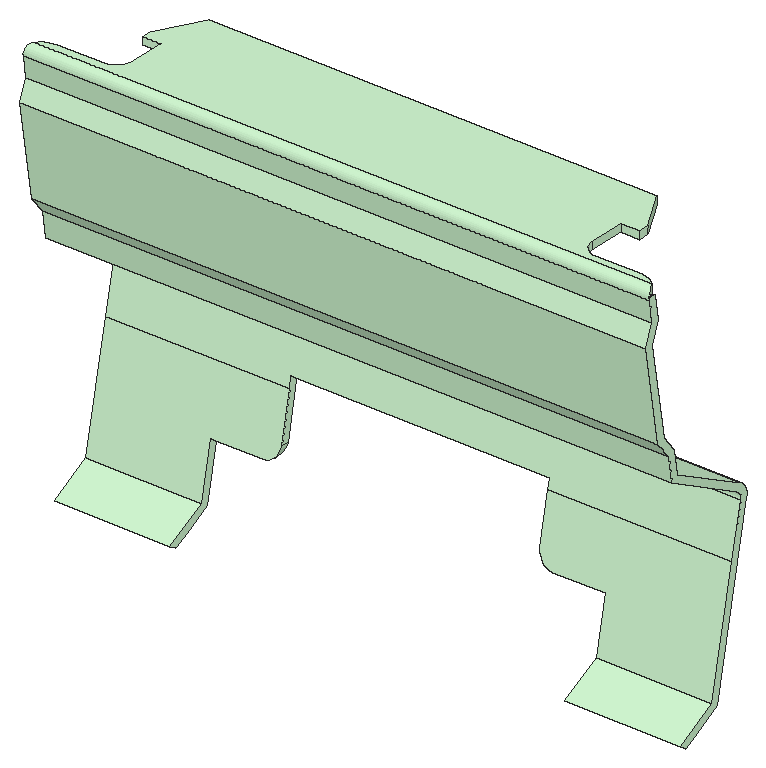
Revit family "WS-65スペーサー", category 機械設備, Revit 2020
Family settings
  丸型コネクタ寸法 = 直径を使用
  種別 = なし
  パーツ タイプ = 標準
  作業面ベース = いいえ
  常に垂直 = はい
  ロード時にボイドで切り取り = いいえ
  共有 = いいえ
  部屋計算ポイント = いいえ
Parameters
  製造元 = "株式会社桐井製作所"
  既定の高さ = 0 mm
  URL = "https://www.kirii.co.jp/"
  K_材質 = "SGCCまたはSGHC　一般用"
  K_品名 = "WS-65スペーサー"
  K_名称 = "スペーサー"
  K_単位質量(kg/個) = 0.015
  K_入数 = "800"
  K_バージョン情報 = "20210524"
  K_めっき付着量 = "Z12"
  K_JIS規格 = "JIS G 3302"
  K_JIS外 [instance] = not(K_JIS)  # no
  K_JIS [instance] = yes
Reference planes
  plane 1 "中心(正面/背面)": y = 0
  plane 2: z = 0
  plane 3 "中心(左/右)": x = 0
Forms (mm)
  Extrusion 1, solid
    sketch origin (0, 0, 0) x (0, 0.987688, 0.156434) y (0, -0.156434, 0.987688)
      loop
        line (0, 0) -> (-10.631, 1.684)
        arc (-10.631, 1.684) -> (-11.276, 1.502) -> (-11.556, 0.894) r 0.8
        line (-11.556, 0.894) -> (-11.556, -1.17) -> (-12.556, -2.902) -> (-12.556, -11.902) -> (-11.556, -13.634) -> (-11.556, -16.134) -> (-4.458, -21.483)
        arc (-4.458, -21.483) -> (-4.17, -21.901) -> (-4.193, -22.408) r 0.8
        line (-4.193, -22.408) -> (-5.984, -27.075) -> (-10.062, -37.698) -> (-14.131, -39.1) -> (-13.537, -39.635) -> (-12.168, -39.164) -> (-9.525, -38.253) -> (-3.539, -22.659)
        arc (-3.539, -22.659) -> (-3.498, -21.708) -> (-4.037, -20.923) r 1.5
        line (-4.037, -20.923) -> (-10.856, -15.785) -> (-10.856, -13.446) -> (-11.856, -11.714) -> (-11.856, -3.089) -> (-10.856, -1.357) -> (-10.856, 1.011) -> (0.274, -0.752) -> (0, 0)
    from -30 to 30
  Extrusion 2, void
    sketch origin (0, 0, 0) x (1, 0, 0) y (0, 1, 0)
      loop
        line (-23.8, -5) -> (-23.8, -4) -> (-21.5, 0) -> (21.5, 0) -> (23.8, -4) -> (23.8, -5) -> (22.05, -5) -> (22.05, -8.5)
        arc (22.05, -8.5) -> (22.489, -9.561) -> (23.55, -10) r 1.5
        line (23.55, -10) -> (28, -10)
        arc (28, -10) -> (29.414, -10.586) -> (30, -12) r 2
        line (30, -12) -> (30.8, -12) -> (30.8, 0.388) -> (-30.8, 0.388) -> (-30.8, -12) -> (-30, -12)
        arc (-30, -12) -> (-29.414, -10.586) -> (-28, -10) r 2
        line (-28, -10) -> (-23.55, -10)
        arc (-23.55, -10) -> (-22.489, -9.561) -> (-22.05, -8.5) r 1.5
        line (-22.05, -8.5) -> (-22.05, -5) -> (-23.8, -5)
    from -0.7 to 0
  Extrusion 3, void
    sketch origin (0, 0, 0) x (1, 0, 0) y (0, 0, 1)
      loop
        line (-18.9, -42.399) -> (18.9, -42.399) -> (18.9, -33.699) -> (13.9, -33.699)
        arc (13.9, -33.699) -> (12.839, -33.26) -> (12.4, -32.199) r 1.5
        line (12.4, -32.199) -> (12.4, -26.699) -> (-12.4, -26.699) -> (-12.4, -32.199)
        arc (-12.4, -32.199) -> (-12.839, -33.26) -> (-13.9, -33.699) r 1.5
        line (-13.9, -33.699) -> (-18.9, -33.699) -> (-18.9, -42.399)
    from -2.451 to 7.841
Cuts and joins
  Extrusion 2, Extrusion 3 cuts Extrusion 1
Dimensions and locks
  aligned and locked: level to plane 2
